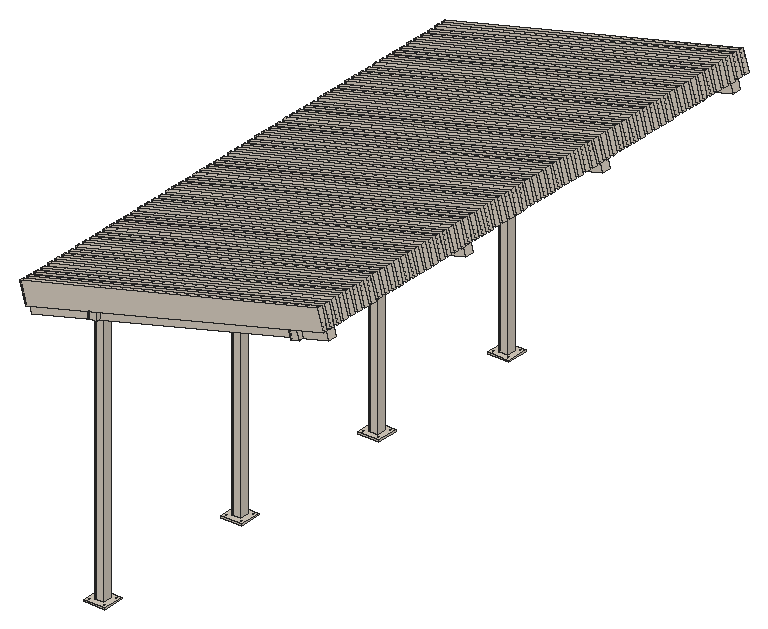
Revit family "Sun-Shades_ATEN_PalmSHIELD", category Generic Models, Revit 2026 (continued)
Definition of nested family "Family1"
  Nested families (in)
    nested 40: "Family2" at (-22.1236, 0, 0) x (-1, 0, 0) z (0, 0, 1), type "Up"
    nested 41: "Family2" at (-18.10112, 0, 0) x (-1, 0, 0) z (0, 0, 1), type "Up"
    nested 42: "Family2" at (-14.07865, 0, 0) x (-1, 0, 0) z (0, 0, 1), type "Up"
    nested 43: "Family2" at (-10.05618, 0, 0) x (-1, 0, 0) z (0, 0, 1), type "Up"
    nested 44: "Family2" at (-6.03371, 0, 0) x (-1, 0, 0) z (0, 0, 1), type "Up"
    nested 45: "Family2" at (-2.01124, 0, 0) x (-1, 0, 0) z (0, 0, 1), type "Up"
    nested 46: "Family2" at (2.01124, 0, 0) x (-1, 0, 0) z (0, 0, 1), type "Up"
    nested 47: "Family2" at (6.03371, 0, 0) x (-1, 0, 0) z (0, 0, 1), type "Up"
    nested 48: "Family2" at (10.05618, 0, 0) x (-1, 0, 0) z (0, 0, 1), type "Up"
    nested 49: "Family2" at (14.07865, 0, 0) x (-1, 0, 0) z (0, 0, 1), type "Up"
    nested 50: "Family2" at (18.10112, 0, 0) x (-1, 0, 0) z (0, 0, 1), type "Up"
    nested 51: "Family2" at (22.1236, 0, 0) x (-1, 0, 0) z (0, 0, 1), type "Up"
    nested 52: "Family2" at (26.14607, 0, 0) x (-1, 0, 0) z (0, 0, 1), type "Up"
    nested 53: "Family2" at (30.16854, 0, 0) x (-1, 0, 0) z (0, 0, 1), type "Up"
    nested 54: "Family2" at (34.19101, 0, 0) x (-1, 0, 0) z (0, 0, 1), type "Up"
    nested 55: "Family2" at (38.21348, 0, 0) x (-1, 0, 0) z (0, 0, 1), type "Up"
    nested 56: "Family2" at (42.23596, 0, 0) x (-1, 0, 0) z (0, 0, 1), type "Up"
    nested 57: "Family2" at (46.25843, 0, 0) x (-1, 0, 0) z (0, 0, 1), type "Up"
    nested 58: "Family2" at (50.2809, 0, 0) x (-1, 0, 0) z (0, 0, 1), type "Up"
    nested 59: "Family2" at (54.30337, 0, 0) x (-1, 0, 0) z (0, 0, 1), type "Up"
    nested 60: "Family2" at (58.32584, 0, 0) x (-1, 0, 0) z (0, 0, 1), type "Up"
    nested 61: "Family2" at (62.34831, 0, 0) x (-1, 0, 0) z (0, 0, 1), type "Up"
    nested 62: "Family2" at (66.37079, 0, 0) x (-1, 0, 0) z (0, 0, 1), type "Up"
    nested 63: "Family2" at (70.39326, 0, 0) x (-1, 0, 0) z (0, 0, 1), type "Up"
    nested 64: "Family2" at (74.41573, 0, 0) x (-1, 0, 0) z (0, 0, 1), type "Up"
    nested 65: "Family2" at (78.4382, 0, 0) x (-1, 0, 0) z (0, 0, 1), type "Up"
    nested 66: "Family2" at (82.46067, 0, 0) x (-1, 0, 0) z (0, 0, 1), type "Up"
    nested 67: "Family2" at (86.48315, 0, 0) x (-1, 0, 0) z (0, 0, 1), type "Up"
    nested 68: "Family2" at (90.50562, 0, 0) x (-1, 0, 0) z (0, 0, 1), type "Up"
    nested 69: "Family2" at (94.52809, 0, 0) x (-1, 0, 0) z (0, 0, 1), type "Up"
    nested 70: "Family2" at (98.55056, 0, 0) x (-1, 0, 0) z (0, 0, 1), type "Up"
    nested 71: "Family2" at (102.57303, 0, 0) x (-1, 0, 0) z (0, 0, 1), type "Up"
    nested 72: "Family2" at (106.59551, 0, 0) x (-1, 0, 0) z (0, 0, 1), type "Up"
    nested 73: "Family2" at (110.61798, 0, 0) x (-1, 0, 0) z (0, 0, 1), type "Up"
    nested 74: "Family2" at (114.64045, 0, 0) x (-1, 0, 0) z (0, 0, 1), type "Up"
    nested 75: "Family2" at (118.66292, 0, 0) x (-1, 0, 0) z (0, 0, 1), type "Up"
    nested 76: "Family2" at (122.68539, 0, 0) x (-1, 0, 0) z (0, 0, 1), type "Up"
    nested 77: "Family2" at (126.70787, 0, 0) x (-1, 0, 0) z (0, 0, 1), type "Up"
    nested 78: "Family2" at (130.73034, 0, 0) x (-1, 0, 0) z (0, 0, 1), type "Up"
    nested 79: "Family2" at (134.75281, 0, 0) x (-1, 0, 0) z (0, 0, 1), type "Up"
    nested 80: "Family2" at (138.77528, 0, 0) x (-1, 0, 0) z (0, 0, 1), type "Up"
    nested 81: "Family2" at (142.79775, 0, 0) x (-1, 0, 0) z (0, 0, 1), type "Up"
    nested 82: "Family2" at (146.82022, 0, 0) x (-1, 0, 0) z (0, 0, 1), type "Up"
    nested 83: "Family2" at (150.8427, 0, 0) x (-1, 0, 0) z (0, 0, 1), type "Up"
    nested 84: "Family2" at (154.86517, 0, 0) x (-1, 0, 0) z (0, 0, 1), type "Up"
    nested 85: "Family2" at (158.88764, 0, 0) x (-1, 0, 0) z (0, 0, 1), type "Up"
    nested 86: "Family2" at (162.91011, 0, 0) x (-1, 0, 0) z (0, 0, 1), type "Up"
    nested 87: "Family2" at (166.93258, 0, 0) x (-1, 0, 0) z (0, 0, 1), type "Up"
    nested 88: "Family2" at (170.95506, 0, 0) x (-1, 0, 0) z (0, 0, 1), type "Up"
    nested 89: "Family2" at (174.97753, 0, 0) x (-1, 0, 0) z (0, 0, 1), type "Up"
    nested 90: "Family2" at (179, 0, 0) x (-1, 0, 0) z (0, 0, 1), type "Up"
  Definition of nested family "Family2"
    Parameters (values of type "Up")
      Up = no
      Purlin Length = 10' - 0"
      Purlin Height = 0' - 2"
      Parlin Width = 0' - 2"
      Material = none
      Down = yes
      Default Elevation = 0' - 0"
    Reference planes (in)
      plane 1 "Center (Front/Back)": y = 0
      plane 2: z = 0
      plane 3 "Center (Left/Right)": x = 0
      plane 4: z = 2
      plane 5: x = -1
      plane 6: x = 1
      plane 7: z = -2
      plane 8: z = 1.875
      plane 9: z = -1.875
      plane 10: x = 0.875
      plane 11: x = -0.875
      plane 12: z = 0.125
      plane 13: z = -0.125
      plane 14: y = 120
      plane 15: y = 60
      plane 16: y = 0.125
      plane 17: y = 119.875
    Forms (in)
      Extrusion 1, solid, material <- "Material", visible <- "Up"
        sketch origin (0, 0, 0) x (1, 0, 0) y (0, 0, 1)
          loop
            line (1, 2) -> (-1, 2) -> (-1, 0) -> (1, 0) -> (1, 2)
          loop
            line (-0.875, 1.875) -> (-0.875, 0.125) -> (0.875, 0.125) -> (0.875, 1.875) -> (-0.875, 1.875)
        from -120 to 0
      Extrusion 2, solid, material <- "Material", visible <- "Down"
        sketch origin (0, 0, 0) x (1, 0, 0) y (0, 0, 1)
          loop
            line (-1, 0) -> (-1, -2) -> (1, -2) -> (1, 0) -> (-1, 0)
          loop
            line (0.875, -1.875) -> (0.875, -0.125) -> (-0.875, -0.125) -> (-0.875, -1.875) -> (0.875, -1.875)
        from 0 to -120
      Extrusion 3, solid, material <- "Material", visible <- "Up"
        sketch origin (0, 0, 0) x (1, 0, 0) y (0, 0, 1)
          loop
            line (-1, 2) -> (-1, 0) -> (1, 0) -> (1, 2) -> (-1, 2)
        from -0.125 to 0
      Extrusion 4, solid, material <- "Material", visible <- "Up"
        sketch origin (0, 0, 0) x (1, 0, 0) y (0, 0, 1)
          loop
            line (-1, 2) -> (-1, 0) -> (1, 0) -> (1, 2) -> (-1, 2)
        from -119.875 to -120
      Extrusion 5, solid, material <- "Material", visible <- "Down"
        sketch origin (0, 0, 0) x (1, 0, 0) y (0, 0, 1)
          loop
            line (-1, 0) -> (-1, -2) -> (1, -2) -> (1, 0) -> (-1, 0)
        from -0.125 to 0
      Extrusion 6, solid, material <- "Material", visible <- "Down"
        sketch origin (0, 0, 0) x (1, 0, 0) y (0, 0, 1)
          loop
            line (-1, 0) -> (-1, -2) -> (1, -2) -> (1, 0) -> (-1, 0)
        from -120 to -119.875
    Cuts and joins
      joined: Extrusion 1, Extrusion 3, Extrusion 4
      joined: Extrusion 2, Extrusion 5, Extrusion 6
    Dimensions and locks (in)
      "Purlin Height": plane 4 to level
      equal spacing: plane 6, plane 3 "Center (Left/Right)", plane 5
      "Parlin Width": plane 5 to plane 6
      "Purlin Height": plane 2 to plane 7
      locked: plane 4 to plane 8 at 0.125
      locked: plane 9 to plane 7 at 0.125
      locked: plane 11 to plane 5 at 0.125
      locked: plane 10 to plane 6 at 0.125
      locked: plane 12 to plane 2 at 0.125
      locked: plane 13 to plane 2 at 0.125
      "Purlin Length": plane 14 to plane 1 "Center (Front/Back)"
      equal spacing: plane 14, plane 15, plane 1 "Center (Front/Back)"
      locked: plane 1 "Center (Front/Back)" to plane 16 at 0.125
      locked: plane 17 to plane 14 at 0.125
      aligned and locked: plane 2 to level
      aligned and locked: Extrusion 1 sketch curve to plane 4
      aligned and locked: Extrusion 1 sketch curve to plane 5
      aligned and locked: plane 6 to Extrusion 1 sketch curve
      aligned and locked: Extrusion 1 sketch curve to level
      aligned and locked: Extrusion 1 sketch curve to plane 11
      aligned and locked: Extrusion 1 sketch curve to plane 8
      aligned and locked: plane 10 to Extrusion 1 sketch curve
      aligned and locked: Extrusion 1 sketch curve to plane 12
      aligned and locked: plane 1 "Center (Front/Back)" to Extrusion 1
      aligned and locked: plane 14 to Extrusion 1
      aligned and locked: Extrusion 2 sketch curve to level
      aligned and locked: Extrusion 2 sketch curve to plane 5
      aligned and locked: plane 6 to Extrusion 2 sketch curve
      aligned and locked: plane 7 to Extrusion 2 sketch curve
      aligned and locked: plane 9 to Extrusion 2 sketch curve
      aligned and locked: plane 10 to Extrusion 2 sketch curve
      aligned and locked: Extrusion 2 sketch curve to plane 11
      aligned and locked: plane 13 to Extrusion 2 sketch curve
      aligned and locked: plane 14 to Extrusion 2
      aligned and locked: plane 1 "Center (Front/Back)" to Extrusion 2
      aligned and locked: Extrusion 1 to plane 1 "Center (Front/Back)"  (x2)
      aligned and locked: Extrusion 1 to plane 14
      aligned and locked: Extrusion 3 sketch curve to Extrusion 1  (x4)
      aligned and locked: plane 1 "Center (Front/Back)" to Extrusion 3
      aligned and locked: plane 16 to Extrusion 3
      aligned and locked: Extrusion 4 sketch curve to Extrusion 1  (x4)
      aligned and locked: plane 14 to Extrusion 4
      aligned and locked: Extrusion 4 to plane 17
      aligned and locked: Extrusion 5 sketch curve to Extrusion 1  (x2)
      aligned and locked: Extrusion 5 sketch curve to Extrusion 2  (x2)
      aligned and locked: plane 1 "Center (Front/Back)" to Extrusion 5
      aligned and locked: plane 16 to Extrusion 5
      aligned and locked: Extrusion 6 sketch curve to Extrusion 1
      aligned and locked: Extrusion 6 sketch curve to Extrusion 2
      aligned and locked: plane 6 to Extrusion 6 sketch curve
      aligned and locked: plane 7 to Extrusion 6 sketch curve
      aligned and locked: plane 14 to Extrusion 6
      aligned and locked: Extrusion 6 to plane 17
Definition of nested family "Inset Beam Vertical"
  Parameters (values of type "Inset Beam Vertical")
    Vertical Purlin [instance] = (L / (Purlin Width + Purlin Spacing Desired))  # 32
    Purlin Width Half [instance] = Purlin Width / 2  # 0' - 1"
    Purlin Width = 0' - 2"
    Purlin Spacing Desired [instance] = 0' - 2"
    Purlin Spacing Calculated [instance] = (L - (Vertical Purlin * Purlin Width)) / (Vertical Purlin - 1)  # 0' - 2.00202"
    Purlin Length = 29' - 4"
    Purlin Height = 0' - 5"
    Number of inset beam vertical [instance] = 3
    Material = none
    L [instance] = 10' - 6 1/16"
    Default Elevation = 4' - 0"
    Center to Center [instance] = Purlin Width + Purlin Spacing Calculated  # 0' - 4.00202"
    Beam center to center [instance] = 0' - 4"
  Reference planes (in)
    plane 1 "Center (Front/Back)": y = 0
    plane 2: z = 0
    plane 3 "Center (Left/Right)": x = 0
    plane 4: y = -126.0625
    plane 5: x = 352
    plane 6: y = -1
    plane 7: y = -5.00202
    plane 8: through (0, 0, 4) normal (0, -0.9962, -0.0872)
    plane 9: through (0, -62.38812, 4.09062) normal (0, -0.9962, -0.0872)
    plane 10: through (0, -2.35788, 4.09062) normal (0, -0.9962, -0.0872)
    plane 11: through (0, -6.3599, 4.09062) normal (0, -0.9962, -0.0872)
    plane 12: through (0, -10.36192, 4.09062) normal (0, -0.9962, -0.0872)
    plane 13: through (0, -14.36393, 4.09062) normal (0, -0.9962, -0.0872)
    plane 14: through (0, -18.36595, 4.09062) normal (0, -0.9962, -0.0872)
    plane 15: through (0, -22.36796, 4.09062) normal (0, -0.9962, -0.0872)
    plane 16: through (0, -26.36998, 4.09062) normal (0, -0.9962, -0.0872)
    plane 17: through (0, -30.372, 4.09062) normal (0, -0.9962, -0.0872)
    plane 18: through (0, -34.37401, 4.09062) normal (0, -0.9962, -0.0872)
    plane 19: through (0, -38.37603, 4.09062) normal (0, -0.9962, -0.0872)
    plane 20: through (0, -42.37804, 4.09062) normal (0, -0.9962, -0.0872)
    plane 21: through (0, -46.38006, 4.09062) normal (0, -0.9962, -0.0872)
    plane 22: through (0, -50.38208, 4.09062) normal (0, -0.9962, -0.0872)
    plane 23: through (0, -54.38409, 4.09062) normal (0, -0.9962, -0.0872)
    plane 24: through (0, -58.38611, 4.09062) normal (0, -0.9962, -0.0872)
    plane 25: through (0, -66.39014, 4.09062) normal (0, -0.9962, -0.0872)
    plane 26: through (0, -70.39216, 4.09062) normal (0, -0.9962, -0.0872)
    plane 27: through (0, -74.39417, 4.09062) normal (0, -0.9962, -0.0872)
    plane 28: through (0, -78.39619, 4.09062) normal (0, -0.9962, -0.0872)
    plane 29: x = 41.08557
    plane 30: x = 45.08557
    plane 31: x = 43.08557
    plane 32: x = 356
    plane 33: through (0, -2.35788, 4.09062) normal (0, -0.9962, -0.0872)
    plane 34: through (0, -82.39821, 4.09062) normal (0, -0.9962, -0.0872)
    plane 35: through (0, -86.40022, 4.09062) normal (0, -0.9962, -0.0872)
    plane 36: through (0, -90.40224, 4.09062) normal (0, -0.9962, -0.0872)
    plane 37: through (0, -94.40425, 4.09062) normal (0, -0.9962, -0.0872)
    plane 38: through (0, -98.40627, 4.09062) normal (0, -0.9962, -0.0872)
    plane 39: through (0, -102.40829, 4.09062) normal (0, -0.9962, -0.0872)
    plane 40: through (0, -106.4103, 4.09062) normal (0, -0.9962, -0.0872)
    plane 41: through (0, -110.41232, 4.09062) normal (0, -0.9962, -0.0872)
    plane 42: through (0, -114.41433, 4.09062) normal (0, -0.9962, -0.0872)
    plane 43: through (0, -118.41635, 4.09062) normal (0, -0.9962, -0.0872)
    plane 44: through (0, -122.41837, 4.09062) normal (0, -0.9962, -0.0872)
    plane 45: through (0, -126.42038, 4.09062) normal (0, -0.9962, -0.0872)
  Forms (in)
    Extrusion 1, solid
      sketch origin (0, 0, 0) x (1, 0, 0) y (0, 1, 0)
        loop
          line (-48, 48) -> (-48, -48) -> (48, -48) -> (48, 48) -> (-48, 48)
      from 0 to -12
  Dimensions and locks (in)
    "Purlin Length": plane 3 "Center (Left/Right)" to plane 5
    "L": plane 4 to plane 1 "Center (Front/Back)"
    equal spacing: group 1, group 2, group 3, group 4, group 5, group 6, group 7, group 8, group 9, group 10, group 11, group 12, group 13, group 14, group 15, group 16, group 17, group 18, group 19, group 20, group 22, group 23, group 24, group 25, group 26, group 27, group 28, group 29, group 30, group 31, group 32, group 33  (x2)
    equal spacing: group 33, group 32, group 31, group 30, group 29, group 28, group 27, group 26, group 25, group 24, group 23, group 22, group 20, group 19, group 18, group 17, group 16, group 15, group 14, group 13, group 12, group 11, group 10, group 9, group 8, group 7, group 6, group 5, group 4, group 3, group 2, group 1
    "Purlin Width Half": plane 6 to plane 1 "Center (Front/Back)"
    "Center to Center": plane 7 to plane 6
    plane 29 to plane 31 to plane 30 = 0' - 2" locked, 0' - 2" locked
    "Beam center to center": plane 5 to plane 32
    aligned and locked: plane 2 to Extrusion 1
    aligned and locked: level to Extrusion 1
    aligned and locked: nested 1 to plane 3 "Center (Left/Right)"
    aligned and locked: plane 6 to nested 1
    aligned and locked: plane 7 to nested 2
  Automatic sketch dimensions
    Extrusion 1 sketch curve to Extrusion 1 sketch curve = 8' - 0"  (x2)
  Nested families (in)
    nested 1: "123" at (0, -1, 0) x (0, -1, 0) z (0, 0, 1), type "123"
    nested 2: "123" at (0, -5.00202, 0) x (0, -1, 0) z (0, 0, 1), type "123"
    nested 3: "123" at (0, -9.00403, 0) x (0, -1, 0) z (0, 0, 1), type "123"
    nested 4: "123" at (0, -13.00605, 0) x (0, -1, 0) z (0, 0, 1), type "123"
    nested 5: "123" at (0, -17.00806, 0) x (0, -1, 0) z (0, 0, 1), type "123"
    nested 6: "123" at (0, -21.01008, 0) x (0, -1, 0) z (0, 0, 1), type "123"
    nested 7: "123" at (0, -25.0121, 0) x (0, -1, 0) z (0, 0, 1), type "123"
    nested 8: "123" at (0, -29.01411, 0) x (0, -1, 0) z (0, 0, 1), type "123"
    nested 9: "123" at (0, -33.01613, 0) x (0, -1, 0) z (0, 0, 1), type "123"
    nested 10: "123" at (0, -37.01815, 0) x (0, -1, 0) z (0, 0, 1), type "123"
    nested 11: "123" at (0, -41.02016, 0) x (0, -1, 0) z (0, 0, 1), type "123"
    nested 12: "123" at (0, -45.02218, 0) x (0, -1, 0) z (0, 0, 1), type "123"
    nested 13: "123" at (0, -49.02419, 0) x (0, -1, 0) z (0, 0, 1), type "123"
    nested 14: "123" at (0, -53.02621, 0) x (0, -1, 0) z (0, 0, 1), type "123"
    nested 15: "123" at (0, -57.02823, 0) x (0, -1, 0) z (0, 0, 1), type "123"
    nested 16: "123" at (0, -61.03024, 0) x (0, -1, 0) z (0, 0, 1), type "123"
    nested 17: "123" at (0, -65.03226, 0) x (0, -1, 0) z (0, 0, 1), type "123"
    nested 18: "123" at (0, -69.03427, 0) x (0, -1, 0) z (0, 0, 1), type "123"
    nested 19: "123" at (0, -73.03629, 0) x (0, -1, 0) z (0, 0, 1), type "123"
    nested 20: "123" at (0, -77.03831, 0) x (0, -1, 0) z (0, 0, 1), type "123"
    nested 21: "123" at (0, -1, 0) x (0, -1, 0) z (0, 0, 1), type "123", not visible
    nested 22: "123" at (0, -81.04032, 0) x (0, -1, 0) z (0, 0, 1), type "123"
    nested 23: "123" at (0, -85.04234, 0) x (0, -1, 0) z (0, 0, 1), type "123"
    nested 24: "123" at (0, -89.04435, 0) x (0, -1, 0) z (0, 0, 1), type "123"
    nested 25: "123" at (0, -93.04637, 0) x (0, -1, 0) z (0, 0, 1), type "123"
    nested 26: "123" at (0, -97.04839, 0) x (0, -1, 0) z (0, 0, 1), type "123"
    nested 27: "123" at (0, -101.0504, 0) x (0, -1, 0) z (0, 0, 1), type "123"
    nested 28: "123" at (0, -105.05242, 0) x (0, -1, 0) z (0, 0, 1), type "123"
    nested 29: "123" at (0, -109.05444, 0) x (0, -1, 0) z (0, 0, 1), type "123"
    nested 30: "123" at (0, -113.05645, 0) x (0, -1, 0) z (0, 0, 1), type "123"
    nested 31: "123" at (0, -117.05847, 0) x (0, -1, 0) z (0, 0, 1), type "123"
    nested 32: "123" at (0, -121.06048, 0) x (0, -1, 0) z (0, 0, 1), type "123"
    nested 33: "123" at (0, -125.0625, 0) x (0, -1, 0) z (0, 0, 1), type "123"
  Definition of nested family "123"
    Parameters (values of type "123")
      Purlin Width = 0' - 2"
      Purlin Length = 8' - 0"
      Purlin Height = 0' - 4"
      Material = none
      Default Elevation = 4' - 0"
    Reference planes (in)
      plane 1 "Center (Front/Back)": y = 0
      plane 2: z = 0
      plane 3 "Center (Left/Right)": x = 0
      plane 4: x = -1
      plane 5: x = 1
      plane 6: y = 96
      plane 7: y = 0
      plane 8: x = -0.875
      plane 9: x = 0.875
      plane 10: z = 0.125
      plane 11: z = 3.875
      plane 12: z = 4
      plane 13: y = 0.125
      plane 14: y = 95.875
      plane 15: through (-1, -180, 4) normal (0.9962, 0, -0.0872)
    Forms (in)
      Extrusion 1, solid
        sketch origin (0, 0, 0) x (1, 0, 0) y (0, 1, 0)
          loop
            line (-48, 48) -> (-48, -48) -> (48, -48) -> (48, 48) -> (-48, 48)
        from 0 to -12
      Extrusion 2, solid, material <- "Material"
        sketch origin (0, 0, 0) x (1, 0, 0) y (0, 0, 1)
          loop
            line (-1, 4) -> (-1, 0) -> (1, 0) -> (1, 4) -> (-1, 4)
          loop
            line (-0.875, 0.125) -> (0.875, 0.125) -> (0.875, 3.875) -> (-0.875, 3.875) -> (-0.875, 0.125)
        from -96 to 0
      Extrusion 3, solid, material <- "Material"
        sketch origin (0, 0, 0) x (1, 0, 0) y (0, 0, 1)
          loop
            line (-1, 4) -> (-1, 0) -> (1, 0) -> (1, 4) -> (-1, 4)
        from -0.125 to 0
      Extrusion 4, solid, material <- "Material"
        sketch origin (0, 0, 0) x (1, 0, 0) y (0, 0, 1)
          loop
            line (-1, 4) -> (-1, 0) -> (1, 0) -> (1, 4) -> (-1, 4)
        from -96 to -95.875
    Cuts and joins
      joined: Extrusion 2, Extrusion 3, Extrusion 4
    Dimensions and locks (in)
      equal spacing: plane 4, plane 3 "Center (Left/Right)", plane 5
      "Purlin Width": plane 4 to plane 5
      "Purlin Length": plane 6 to plane 7
      locked: plane 4 to plane 8 at 0.125
      locked: plane 9 to plane 5 at 0.125
      locked: plane 12 to plane 11 at 0.125
      locked: plane 10 to level at 0.125
      "Purlin Height": plane 12 to plane 2
      locked: plane 13 to plane 7 at 0.125
      locked: plane 6 to plane 14 at 0.125
      aligned and locked: plane 2 to Extrusion 1
      aligned and locked: level to Extrusion 1
      aligned and locked: Extrusion 2 sketch curve to plane 4
      aligned and locked: Extrusion 2 sketch curve to plane 5
      aligned and locked: Extrusion 2 sketch curve to plane 12
      aligned and locked: Extrusion 1 to Extrusion 2 sketch curve
      aligned and locked: Extrusion 2 sketch curve to plane 10
      aligned and locked: Extrusion 2 sketch curve to plane 11
      aligned and locked: plane 9 to Extrusion 2 sketch curve
      aligned and locked: Extrusion 2 sketch curve to plane 8
      aligned and locked: plane 6 to Extrusion 2
      aligned and locked: Extrusion 2 to plane 7
      aligned and locked: Extrusion 3 sketch curve to plane 4
      aligned and locked: Extrusion 3 sketch curve to plane 5
      aligned and locked: Extrusion 3 sketch curve to plane 12
      aligned and locked: Extrusion 3 sketch curve to plane 2
      aligned and locked: plane 13 to Extrusion 3
      aligned and locked: Extrusion 3 to plane 7
      aligned and locked: Extrusion 4 sketch curve to plane 4
      aligned and locked: Extrusion 4 sketch curve to plane 5
      aligned and locked: Extrusion 4 sketch curve to plane 12
      aligned and locked: Extrusion 4 sketch curve to plane 2
      aligned and locked: plane 6 to Extrusion 4
      aligned and locked: Extrusion 4 to plane 14
      aligned and locked: plane 7 to plane 1 "Center (Front/Back)"
    Automatic sketch dimensions
      Extrusion 1 sketch curve to Extrusion 1 sketch curve = 8' - 0"  (x2)
Definition of nested family "Family7"
  Parameters (values of type "Inset to Beams_Horizontal")
    Vertical Purlin [instance] = (L / (Purlin Width + Purlin Spacing Desired))  # 88
    Purlin Width Half = Purlin Width / 2  # 0' - 1"
    Purlin Width = 0' - 2"
    Purlin Spacing Desired [instance] = 0' - 2"
    Purlin Spacing Calculated [instance] = (L - (Vertical Purlin * Purlin Width)) / (Vertical Purlin - 1)  # 0' - 2.02299"
    Purlin Length = 10' - 7 31/32"
    Purlin Height = 0' - 5"
    Material = none
    L = 29' - 4"
    Default Elevation = 4' - 0"
    Center to Center [instance] = Purlin Width + Purlin Spacing Calculated  # 0' - 4.02299"
  Reference planes (in)
    plane 1 "Center (Front/Back)": y = 0
    plane 2: z = 0
    plane 3 "Center (Left/Right)": x = 0
    plane 4: y = -352
    plane 5: x = 127.96875
    plane 6: y = -1
    plane 7: y = -5.02299
    plane 8: through (0, 0, 4) normal (0, -0.9962, -0.0872)
    plane 9: through (0, -62.70271, 4.09062) normal (0, -0.9962, -0.0872)
    plane 10: through (0, -2.35788, 4.09062) normal (0, -0.9962, -0.0872)
    plane 11: through (0, -6.38087, 4.09062) normal (0, -0.9962, -0.0872)
    plane 12: through (0, -10.40386, 4.09062) normal (0, -0.9962, -0.0872)
    plane 13: through (0, -14.42685, 4.09062) normal (0, -0.9962, -0.0872)
    plane 14: through (0, -18.44984, 4.09062) normal (0, -0.9962, -0.0872)
    plane 15: through (0, -22.47283, 4.09062) normal (0, -0.9962, -0.0872)
    plane 16: through (0, -26.49581, 4.09062) normal (0, -0.9962, -0.0872)
    plane 17: through (0, -30.5188, 4.09062) normal (0, -0.9962, -0.0872)
    plane 18: through (0, -34.54179, 4.09062) normal (0, -0.9962, -0.0872)
    plane 19: through (0, -38.56478, 4.09062) normal (0, -0.9962, -0.0872)
    plane 20: through (0, -42.58777, 4.09062) normal (0, -0.9962, -0.0872)
    plane 21: through (0, -46.61076, 4.09062) normal (0, -0.9962, -0.0872)
    plane 22: through (0, -50.63375, 4.09062) normal (0, -0.9962, -0.0872)
    plane 23: through (0, -54.65673, 4.09062) normal (0, -0.9962, -0.0872)
    plane 24: through (0, -58.67972, 4.09062) normal (0, -0.9962, -0.0872)
    plane 25: through (0, -66.7257, 4.09062) normal (0, -0.9962, -0.0872)
    plane 26: through (0, -70.74869, 4.09062) normal (0, -0.9962, -0.0872)
    plane 27: through (0, -74.77168, 4.09062) normal (0, -0.9962, -0.0872)
    plane 28: through (0, -78.79466, 4.09062) normal (0, -0.9962, -0.0872)
    plane 29: through (0, -82.81765, 4.09062) normal (0, -0.9962, -0.0872)
    plane 30: through (0, -86.84064, 4.09062) normal (0, -0.9962, -0.0872)
    plane 31: through (0, -90.86363, 4.09062) normal (0, -0.9962, -0.0872)
    plane 32: through (0, -94.88662, 4.09062) normal (0, -0.9962, -0.0872)
    plane 33: through (0, -98.90961, 4.09062) normal (0, -0.9962, -0.0872)
    plane 34: through (0, -102.9326, 4.09062) normal (0, -0.9962, -0.0872)
    plane 35: through (0, -106.95558, 4.09062) normal (0, -0.9962, -0.0872)
    plane 36: through (0, -110.97857, 4.09062) normal (0, -0.9962, -0.0872)
    plane 37: through (0, -115.00156, 4.09062) normal (0, -0.9962, -0.0872)
    plane 38: through (0, -119.02455, 4.09062) normal (0, -0.9962, -0.0872)
    plane 39: through (0, -123.04754, 4.09062) normal (0, -0.9962, -0.0872)
    plane 40: through (0, -127.07053, 4.09062) normal (0, -0.9962, -0.0872)
    plane 41: through (0, -131.09352, 4.09062) normal (0, -0.9962, -0.0872)
    plane 42: through (0, -135.1165, 4.09062) normal (0, -0.9962, -0.0872)
    plane 43: through (0, -139.13949, 4.09062) normal (0, -0.9962, -0.0872)
    plane 44: through (0, -143.16248, 4.09062) normal (0, -0.9962, -0.0872)
    plane 45: through (-1.09583, -180, 16.52538) normal (0.9962, 0, 0.0872)
    plane 46: through (0, -147.18547, 4.09062) normal (0, -0.9962, -0.0872)
    plane 47: through (0, -151.20846, 4.09062) normal (0, -0.9962, -0.0872)
    plane 48: through (0, -155.23145, 4.09062) normal (0, -0.9962, -0.0872)
    plane 49: through (0, -159.25443, 4.09062) normal (0, -0.9962, -0.0872)
    plane 50: through (0, -163.27742, 4.09062) normal (0, -0.9962, -0.0872)
    plane 51: through (0, -167.30041, 4.09062) normal (0, -0.9962, -0.0872)
    plane 52: through (0, -171.3234, 4.09062) normal (0, -0.9962, -0.0872)
    plane 53: through (0, -175.34639, 4.09062) normal (0, -0.9962, -0.0872)
    plane 54: through (0, -179.36938, 4.09062) normal (0, -0.9962, -0.0872)
    plane 55: through (0, -183.39237, 4.09062) normal (0, -0.9962, -0.0872)
    plane 56: through (0, -187.41535, 4.09062) normal (0, -0.9962, -0.0872)
    plane 57: through (0, -191.43834, 4.09062) normal (0, -0.9962, -0.0872)
    plane 58: through (0, -195.46133, 4.09062) normal (0, -0.9962, -0.0872)
    plane 59: through (0, -199.48432, 4.09062) normal (0, -0.9962, -0.0872)
    plane 60: through (0, -203.50731, 4.09062) normal (0, -0.9962, -0.0872)
    plane 61: through (0, -207.5303, 4.09062) normal (0, -0.9962, -0.0872)
    plane 62: through (0, -211.55329, 4.09062) normal (0, -0.9962, -0.0872)
    plane 63: through (0, -215.57627, 4.09062) normal (0, -0.9962, -0.0872)
    plane 64: through (0, -219.59926, 4.09062) normal (0, -0.9962, -0.0872)
    plane 65: through (0, -223.62225, 4.09062) normal (0, -0.9962, -0.0872)
    plane 66: through (0, -227.64524, 4.09062) normal (0, -0.9962, -0.0872)
    plane 67: through (0, -231.66823, 4.09062) normal (0, -0.9962, -0.0872)
    plane 68: through (0, -235.69122, 4.09062) normal (0, -0.9962, -0.0872)
    plane 69: through (0, -239.7142, 4.09062) normal (0, -0.9962, -0.0872)
    plane 70: through (0, -243.73719, 4.09062) normal (0, -0.9962, -0.0872)
    plane 71: through (0, -247.76018, 4.09062) normal (0, -0.9962, -0.0872)
    plane 72: through (0, -251.78317, 4.09062) normal (0, -0.9962, -0.0872)
    plane 73: through (0, -255.80616, 4.09062) normal (0, -0.9962, -0.0872)
    plane 74: through (0, -259.82915, 4.09062) normal (0, -0.9962, -0.0872)
    plane 75: through (0, -263.85214, 4.09062) normal (0, -0.9962, -0.0872)
    plane 76: through (0, -267.87512, 4.09062) normal (0, -0.9962, -0.0872)
    plane 77: through (0, -271.89811, 4.09062) normal (0, -0.9962, -0.0872)
    plane 78: through (0, -275.9211, 4.09062) normal (0, -0.9962, -0.0872)
    plane 79: through (0, -279.94409, 4.09062) normal (0, -0.9962, -0.0872)
    plane 80: through (0, -283.96708, 4.09062) normal (0, -0.9962, -0.0872)
    plane 81: through (0, -287.99007, 4.09062) normal (0, -0.9962, -0.0872)
    plane 82: through (0, -292.01306, 4.09062) normal (0, -0.9962, -0.0872)
    plane 83: through (0, -296.03604, 4.09062) normal (0, -0.9962, -0.0872)
    plane 84: through (0, -300.05903, 4.09062) normal (0, -0.9962, -0.0872)
    plane 85: through (0, -304.08202, 4.09062) normal (0, -0.9962, -0.0872)
    plane 86: through (0, -308.10501, 4.09062) normal (0, -0.9962, -0.0872)
    plane 87: through (0, -312.128, 4.09062) normal (0, -0.9962, -0.0872)
    plane 88: through (0, -316.15099, 4.09062) normal (0, -0.9962, -0.0872)
    plane 89: through (0, -320.17397, 4.09062) normal (0, -0.9962, -0.0872)
    plane 90: through (0, -324.19696, 4.09062) normal (0, -0.9962, -0.0872)
    plane 91: through (0, -328.21995, 4.09062) normal (0, -0.9962, -0.0872)
    plane 92: through (0, -332.24294, 4.09062) normal (0, -0.9962, -0.0872)
    plane 93: through (0, -336.26593, 4.09062) normal (0, -0.9962, -0.0872)
    plane 94: through (0, -340.28892, 4.09062) normal (0, -0.9962, -0.0872)
    plane 95: through (0, -344.31191, 4.09062) normal (0, -0.9962, -0.0872)
    plane 96: through (0, -348.33489, 4.09062) normal (0, -0.9962, -0.0872)
    plane 97: through (0, -352.35788, 4.09062) normal (0, -0.9962, -0.0872)
  Forms (in)
    Extrusion 1, solid
      sketch origin (0, 0, 0) x (1, 0, 0) y (0, 1, 0)
        loop
          line (-48, 48) -> (-48, -48) -> (48, -48) -> (48, 48) -> (-48, 48)
      from 0 to -12
  Dimensions and locks (in)
    "Purlin Length": plane 3 "Center (Left/Right)" to plane 5
    "L": plane 4 to plane 1 "Center (Front/Back)"
    equal spacing: group 1, group 2, group 3, group 4, group 5, group 6, group 7, group 8, group 9, group 10, group 11, group 12, group 13, group 14, group 15, group 16, group 17, group 18, group 19, group 20, group 21, group 22, group 23, group 24, group 25, group 26, group 27, group 28, group 29, group 30, group 31, group 32, group 33, group 34, group 35, group 36, group 37, group 38, group 39, group 40, group 41, group 42, group 43, group 44, group 45, group 46, group 47, group 48, group 49, group 50, group 51, group 52, group 53, group 54, group 55, group 56, group 57, group 58, group 59, group 60, group 61, group 62, group 63, group 64, group 65, group 66, group 67, group 68, group 69, group 70, group 71, group 72, group 73, group 74, group 75, group 76, group 77, group 78, group 79, group 80, group 81, group 82, group 83, group 84, group 85, group 86, group 87, group 88  (x2)
    equal spacing: group 88, group 87, group 86, group 85, group 84, group 83, group 82, group 81, group 80, group 79, group 78, group 77, group 76, group 75, group 74, group 73, group 72, group 71, group 70, group 69, group 68, group 67, group 66, group 65, group 64, group 63, group 62, group 61, group 60, group 59, group 58, group 57, group 56, group 55, group 54, group 53, group 52, group 51, group 50, group 49, group 48, group 47, group 46, group 45, group 44, group 43, group 42, group 41, group 40, group 39, group 38, group 37, group 36, group 35, group 34, group 33, group 32, group 31, group 30, group 29, group 28, group 27, group 26, group 25, group 24, group 23, group 22, group 21, group 20, group 19, group 18, group 17, group 16, group 15, group 14, group 13, group 12, group 11, group 10, group 9, group 8, group 7, group 6, group 5, group 4, group 3, group 2, group 1
    "Purlin Width Half": plane 6 to plane 1 "Center (Front/Back)"
    "Center to Center": plane 7 to plane 6
    aligned and locked: plane 2 to Extrusion 1
    aligned and locked: level to Extrusion 1
    aligned and locked: nested 1 to plane 1 "Center (Front/Back)"
    aligned and locked: nested 1 to plane 3 "Center (Left/Right)"
    aligned and locked: plane 6 to nested 1
    aligned and locked: plane 7 to nested 2
    aligned and locked: plane 8 to nested 1
    aligned and locked: plane 9 to nested 16
  Automatic sketch dimensions
    Extrusion 1 sketch curve to Extrusion 1 sketch curve = 8' - 0"  (x2)
  Nested families (in)
    nested 1: "123" at (0, -1, 0) x (0, -1, 0) z (0, 0, 1), type "123"
    nested 2: "123" at (0, -5.02299, 0) x (0, -1, 0) z (0, 0, 1), type "123"
    nested 3: "123" at (0, -9.04598, 0) x (0, -1, 0) z (0, 0, 1), type "123"
    nested 4: "123" at (0, -13.06897, 0) x (0, -1, 0) z (0, 0, 1), type "123"
    nested 5: "123" at (0, -17.09195, 0) x (0, -1, 0) z (0, 0, 1), type "123"
    nested 6: "123" at (0, -21.11494, 0) x (0, -1, 0) z (0, 0, 1), type "123"
    nested 7: "123" at (0, -25.13793, 0) x (0, -1, 0) z (0, 0, 1), type "123"
    nested 8: "123" at (0, -29.16092, 0) x (0, -1, 0) z (0, 0, 1), type "123"
    nested 9: "123" at (0, -33.18391, 0) x (0, -1, 0) z (0, 0, 1), type "123"
    nested 10: "123" at (0, -37.2069, 0) x (0, -1, 0) z (0, 0, 1), type "123"
    nested 11: "123" at (0, -41.22989, 0) x (0, -1, 0) z (0, 0, 1), type "123"
    nested 12: "123" at (0, -45.25287, 0) x (0, -1, 0) z (0, 0, 1), type "123"
    nested 13: "123" at (0, -49.27586, 0) x (0, -1, 0) z (0, 0, 1), type "123"
    nested 14: "123" at (0, -53.29885, 0) x (0, -1, 0) z (0, 0, 1), type "123"
    nested 15: "123" at (0, -57.32184, 0) x (0, -1, 0) z (0, 0, 1), type "123"
    nested 16: "123" at (0, -61.34483, 0) x (0, -1, 0) z (0, 0, 1), type "123"
    nested 17: "123" at (0, -65.36782, 0) x (0, -1, 0) z (0, 0, 1), type "123"
    nested 18: "123" at (0, -69.3908, 0) x (0, -1, 0) z (0, 0, 1), type "123"
    nested 19: "123" at (0, -73.41379, 0) x (0, -1, 0) z (0, 0, 1), type "123"
    nested 20: "123" at (0, -77.43678, 0) x (0, -1, 0) z (0, 0, 1), type "123"
    nested 21: "123" at (0, -81.45977, 0) x (0, -1, 0) z (0, 0, 1), type "123"
    nested 22: "123" at (0, -85.48276, 0) x (0, -1, 0) z (0, 0, 1), type "123"
    nested 23: "123" at (0, -89.50575, 0) x (0, -1, 0) z (0, 0, 1), type "123"
    nested 24: "123" at (0, -93.52874, 0) x (0, -1, 0) z (0, 0, 1), type "123"
    nested 25: "123" at (0, -97.55172, 0) x (0, -1, 0) z (0, 0, 1), type "123"
    nested 26: "123" at (0, -101.57471, 0) x (0, -1, 0) z (0, 0, 1), type "123"
    nested 27: "123" at (0, -105.5977, 0) x (0, -1, 0) z (0, 0, 1), type "123"
    nested 28: "123" at (0, -109.62069, 0) x (0, -1, 0) z (0, 0, 1), type "123"
    nested 29: "123" at (0, -113.64368, 0) x (0, -1, 0) z (0, 0, 1), type "123"
    nested 30: "123" at (0, -117.66667, 0) x (0, -1, 0) z (0, 0, 1), type "123"
    nested 31: "123" at (0, -121.68966, 0) x (0, -1, 0) z (0, 0, 1), type "123"
    nested 32: "123" at (0, -125.71264, 0) x (0, -1, 0) z (0, 0, 1), type "123"
    nested 33: "123" at (0, -129.73563, 0) x (0, -1, 0) z (0, 0, 1), type "123"
    nested 34: "123" at (0, -133.75862, 0) x (0, -1, 0) z (0, 0, 1), type "123"
    nested 35: "123" at (0, -137.78161, 0) x (0, -1, 0) z (0, 0, 1), type "123"
    nested 36: "123" at (0, -141.8046, 0) x (0, -1, 0) z (0, 0, 1), type "123"
    nested 37: "123" at (0, -145.82759, 0) x (0, -1, 0) z (0, 0, 1), type "123"
    nested 38: "123" at (0, -149.85057, 0) x (0, -1, 0) z (0, 0, 1), type "123"
    nested 39: "123" at (0, -153.87356, 0) x (0, -1, 0) z (0, 0, 1), type "123"
    nested 40: "123" at (0, -157.89655, 0) x (0, -1, 0) z (0, 0, 1), type "123"
    nested 41: "123" at (0, -161.91954, 0) x (0, -1, 0) z (0, 0, 1), type "123"
    nested 42: "123" at (0, -165.94253, 0) x (0, -1, 0) z (0, 0, 1), type "123"
    nested 43: "123" at (0, -169.96552, 0) x (0, -1, 0) z (0, 0, 1), type "123"
    nested 44: "123" at (0, -173.98851, 0) x (0, -1, 0) z (0, 0, 1), type "123"
    nested 45: "123" at (0, -178.01149, 0) x (0, -1, 0) z (0, 0, 1), type "123"
    nested 46: "123" at (0, -182.03448, 0) x (0, -1, 0) z (0, 0, 1), type "123"
    nested 47: "123" at (0, -186.05747, 0) x (0, -1, 0) z (0, 0, 1), type "123"
    nested 48: "123" at (0, -190.08046, 0) x (0, -1, 0) z (0, 0, 1), type "123"
    nested 49: "123" at (0, -194.10345, 0) x (0, -1, 0) z (0, 0, 1), type "123"
    nested 50: "123" at (0, -198.12644, 0) x (0, -1, 0) z (0, 0, 1), type "123"
    nested 51: "123" at (0, -202.14943, 0) x (0, -1, 0) z (0, 0, 1), type "123"
    nested 52: "123" at (0, -206.17241, 0) x (0, -1, 0) z (0, 0, 1), type "123"
    nested 53: "123" at (0, -210.1954, 0) x (0, -1, 0) z (0, 0, 1), type "123"
    nested 54: "123" at (0, -214.21839, 0) x (0, -1, 0) z (0, 0, 1), type "123"
    nested 55: "123" at (0, -218.24138, 0) x (0, -1, 0) z (0, 0, 1), type "123"
    nested 56: "123" at (0, -222.26437, 0) x (0, -1, 0) z (0, 0, 1), type "123"
    nested 57: "123" at (0, -226.28736, 0) x (0, -1, 0) z (0, 0, 1), type "123"
    nested 58: "123" at (0, -230.31034, 0) x (0, -1, 0) z (0, 0, 1), type "123"
    nested 59: "123" at (0, -234.33333, 0) x (0, -1, 0) z (0, 0, 1), type "123"
    nested 60: "123" at (0, -238.35632, 0) x (0, -1, 0) z (0, 0, 1), type "123"
    nested 61: "123" at (0, -242.37931, 0) x (0, -1, 0) z (0, 0, 1), type "123"
    nested 62: "123" at (0, -246.4023, 0) x (0, -1, 0) z (0, 0, 1), type "123"
    nested 63: "123" at (0, -250.42529, 0) x (0, -1, 0) z (0, 0, 1), type "123"
    nested 64: "123" at (0, -254.44828, 0) x (0, -1, 0) z (0, 0, 1), type "123"
    nested 65: "123" at (0, -258.47126, 0) x (0, -1, 0) z (0, 0, 1), type "123"
    nested 66: "123" at (0, -262.49425, 0) x (0, -1, 0) z (0, 0, 1), type "123"
    nested 67: "123" at (0, -266.51724, 0) x (0, -1, 0) z (0, 0, 1), type "123"
    nested 68: "123" at (0, -270.54023, 0) x (0, -1, 0) z (0, 0, 1), type "123"
    nested 69: "123" at (0, -274.56322, 0) x (0, -1, 0) z (0, 0, 1), type "123"
    nested 70: "123" at (0, -278.58621, 0) x (0, -1, 0) z (0, 0, 1), type "123"
    nested 71: "123" at (0, -282.6092, 0) x (0, -1, 0) z (0, 0, 1), type "123"
    nested 72: "123" at (0, -286.63218, 0) x (0, -1, 0) z (0, 0, 1), type "123"
    nested 73: "123" at (0, -290.65517, 0) x (0, -1, 0) z (0, 0, 1), type "123"
    nested 74: "123" at (0, -294.67816, 0) x (0, -1, 0) z (0, 0, 1), type "123"
    nested 75: "123" at (0, -298.70115, 0) x (0, -1, 0) z (0, 0, 1), type "123"
    nested 76: "123" at (0, -302.72414, 0) x (0, -1, 0) z (0, 0, 1), type "123"
    nested 77: "123" at (0, -306.74713, 0) x (0, -1, 0) z (0, 0, 1), type "123"
    nested 78: "123" at (0, -310.77011, 0) x (0, -1, 0) z (0, 0, 1), type "123"
    nested 79: "123" at (0, -314.7931, 0) x (0, -1, 0) z (0, 0, 1), type "123"
    nested 80: "123" at (0, -318.81609, 0) x (0, -1, 0) z (0, 0, 1), type "123"
    nested 81: "123" at (0, -322.83908, 0) x (0, -1, 0) z (0, 0, 1), type "123"
    nested 82: "123" at (0, -326.86207, 0) x (0, -1, 0) z (0, 0, 1), type "123"
    nested 83: "123" at (0, -330.88506, 0) x (0, -1, 0) z (0, 0, 1), type "123"
    nested 84: "123" at (0, -334.90805, 0) x (0, -1, 0) z (0, 0, 1), type "123"
    nested 85: "123" at (0, -338.93103, 0) x (0, -1, 0) z (0, 0, 1), type "123"
    nested 86: "123" at (0, -342.95402, 0) x (0, -1, 0) z (0, 0, 1), type "123"
    nested 87: "123" at (0, -346.97701, 0) x (0, -1, 0) z (0, 0, 1), type "123"
    nested 88: "123" at (0, -351, 0) x (0, -1, 0) z (0, 0, 1), type "123"
  Definition of nested family "123"
    Parameters (values of type "123")
      Purlin Width = 0' - 2"
      Purlin Length = 8' - 0"
      Purlin Height = 0' - 4"
      Material = none
      Default Elevation = 4' - 0"
    Reference planes (in)
      plane 1 "Center (Front/Back)": y = 0
      plane 2: z = 0
      plane 3 "Center (Left/Right)": x = 0
      plane 4: x = -1
      plane 5: x = 1
      plane 6: y = 96
      plane 7: y = 0
      plane 8: x = -0.875
      plane 9: x = 0.875
      plane 10: z = 0.125
      plane 11: z = 3.875
      plane 12: z = 4
      plane 13: y = 0.125
      plane 14: y = 95.875
      plane 15: through (-1, -180, 4) normal (0.9962, 0, -0.0872)
    Forms (in)
      Extrusion 1, solid
        sketch origin (0, 0, 0) x (1, 0, 0) y (0, 1, 0)
          loop
            line (-48, 48) -> (-48, -48) -> (48, -48) -> (48, 48) -> (-48, 48)
        from 0 to -12
      Extrusion 2, solid, material <- "Material"
        sketch origin (0, 0, 0) x (1, 0, 0) y (0, 0, 1)
          loop
            line (-1, 4) -> (-1, 0) -> (1, 0) -> (1, 4) -> (-1, 4)
          loop
            line (-0.875, 0.125) -> (0.875, 0.125) -> (0.875, 3.875) -> (-0.875, 3.875) -> (-0.875, 0.125)
        from -96 to 0
      Extrusion 3, solid, material <- "Material"
        sketch origin (0, 0, 0) x (1, 0, 0) y (0, 0, 1)
          loop
            line (-1, 4) -> (-1, 0) -> (1, 0) -> (1, 4) -> (-1, 4)
        from -0.125 to 0
      Extrusion 4, solid, material <- "Material"
        sketch origin (0, 0, 0) x (1, 0, 0) y (0, 0, 1)
          loop
            line (-1, 4) -> (-1, 0) -> (1, 0) -> (1, 4) -> (-1, 4)
        from -96 to -95.875
    Cuts and joins
      joined: Extrusion 2, Extrusion 3, Extrusion 4
    Dimensions and locks (in)
      equal spacing: plane 4, plane 3 "Center (Left/Right)", plane 5
      "Purlin Width": plane 4 to plane 5
      "Purlin Length": plane 6 to plane 7
      locked: plane 4 to plane 8 at 0.125
      locked: plane 9 to plane 5 at 0.125
      locked: plane 12 to plane 11 at 0.125
      locked: plane 10 to level at 0.125
      "Purlin Height": plane 12 to plane 2
      locked: plane 13 to plane 7 at 0.125
      locked: plane 6 to plane 14 at 0.125
      aligned and locked: plane 2 to Extrusion 1
      aligned and locked: level to Extrusion 1
      aligned and locked: Extrusion 2 sketch curve to plane 4
      aligned and locked: Extrusion 2 sketch curve to plane 5
      aligned and locked: Extrusion 2 sketch curve to plane 12
      aligned and locked: Extrusion 1 to Extrusion 2 sketch curve
      aligned and locked: Extrusion 2 sketch curve to plane 10
      aligned and locked: Extrusion 2 sketch curve to plane 11
      aligned and locked: plane 9 to Extrusion 2 sketch curve
      aligned and locked: Extrusion 2 sketch curve to plane 8
      aligned and locked: plane 6 to Extrusion 2
      aligned and locked: Extrusion 2 to plane 7
      aligned and locked: Extrusion 3 sketch curve to plane 4
      aligned and locked: Extrusion 3 sketch curve to plane 5
      aligned and locked: Extrusion 3 sketch curve to plane 12
      aligned and locked: Extrusion 3 sketch curve to plane 2
      aligned and locked: plane 13 to Extrusion 3
      aligned and locked: Extrusion 3 to plane 7
      aligned and locked: Extrusion 4 sketch curve to plane 4
      aligned and locked: Extrusion 4 sketch curve to plane 5
      aligned and locked: Extrusion 4 sketch curve to plane 12
      aligned and locked: Extrusion 4 sketch curve to plane 2
      aligned and locked: plane 6 to Extrusion 4
      aligned and locked: Extrusion 4 to plane 14
      aligned and locked: plane 7 to plane 1 "Center (Front/Back)"
    Automatic sketch dimensions
      Extrusion 1 sketch curve to Extrusion 1 sketch curve = 8' - 0"  (x2)
Definition of nested family "RECT.TUBE PURLINS"
  Parameters (values of type "RECT.TUBE PURLINS")
    W = 0' - 2"
    Material = none
    L = 15' - 0"
    H = 0' - 3"
    Default Elevation = 4' - 0"
  Reference planes (in)
    plane 1 "Center (Front/Back)": y = 0
    plane 2: z = 0
    plane 3 "Center (Left/Right)": x = 0
    plane 4: z = 0.125
    plane 5: z = 2.875
    plane 6: z = 3
    plane 7: x = -1
    plane 8: x = 1
    plane 9: x = -0.875
    plane 10: x = 0.875
    plane 11: y = -180
    plane 12: y = -0.125
    plane 13: y = -179.875
  Forms (in)
    Extrusion 1, solid
      sketch origin (0, 0, 0) x (1, 0, 0) y (0, 1, 0)
        loop
          line (-48, 48) -> (-48, -48) -> (48, -48) -> (48, 48) -> (-48, 48)
      from 0 to -12
    Sweep 2, solid, material <- "Material"
      path origin (0, 0, 0) x (0, 1, 0) y (0, 0, 1)
        loop
          line (0, 0) -> (-180, 0)
      profile origin (0, -90, 0) x (0, 0, -1) y (1, 0, 0)
        loop
          line (-3, -1) -> (0, -1) -> (0, 1) -> (-3, 1) -> (-3, -1)
        loop
          line (-0.125, -0.875) -> (-0.125, 0.875) -> (-2.875, 0.875) -> (-2.875, -0.875) -> (-0.125, -0.875)
    Extrusion 3, solid, material <- "Material"
      sketch origin (0, 0, 0) x (1, 0, 0) y (0, 0, 1)
        loop
          line (-0.875, 2.875) -> (-0.875, 0.125) -> (0.875, 0.125) -> (0.875, 2.875) -> (-0.875, 2.875)
      from 0 to 0.125
    Extrusion 4, solid, material <- "Material"
      sketch origin (0, 0, 0) x (1, 0, 0) y (0, 0, 1)
        loop
          line (-0.875, 2.875) -> (-0.875, 0.125) -> (0.875, 0.125) -> (0.875, 2.875) -> (-0.875, 2.875)
      from 179.875 to 180
  Cuts and joins
    joined: Sweep 2, Extrusion 3, Extrusion 4
  Dimensions and locks (in)
    equal spacing: plane 8, plane 3 "Center (Left/Right)", plane 7
    "W": plane 8 to plane 7
    "H": plane 6 to plane 2
    locked: plane 6 to plane 5 at 0.125
    locked: plane 4 to plane 2 at 0.125
    locked: plane 9 to plane 7 at 0.125
    locked: plane 8 to plane 10 at 0.125
    "L": plane 1 "Center (Front/Back)" to plane 11
    locked: plane 1 "Center (Front/Back)" to plane 12 at 0.125
    locked: plane 13 to plane 11 at 0.125
    aligned and locked: plane 2 to Extrusion 1
    aligned and locked: level to Extrusion 1
    aligned and locked: plane 2 to Sweep 2 sketch curve
    aligned and locked: plane 11 to Sweep 2 sketch curve
    aligned and locked: plane 1 "Center (Front/Back)" to Sweep 2 sketch curve
    aligned and locked: Sweep 2 sketch curve to plane 6
    aligned and locked: Sweep 2 sketch curve to plane 7
    aligned and locked: Sweep 2 sketch curve to plane 8
    aligned and locked: Sweep 2 sketch curve to plane 2
    aligned and locked: Sweep 2 sketch curve to plane 4
    aligned and locked: Sweep 2 sketch curve to plane 9
    aligned and locked: Sweep 2 sketch curve to plane 10
    aligned and locked: Sweep 2 sketch curve to plane 5
    aligned and locked: Extrusion 3 sketch curve to Sweep 2  (x4)
    aligned and locked: Extrusion 3 to plane 1 "Center (Front/Back)"
    aligned and locked: Extrusion 3 to plane 12
    aligned and locked: Extrusion 4 sketch curve to Sweep 2  (x4)
    aligned and locked: plane 13 to Extrusion 4
    aligned and locked: plane 11 to Extrusion 4
  Automatic sketch dimensions
    Extrusion 1 sketch curve to Extrusion 1 sketch curve = 8' - 0"  (x2)
Types (14): name | Y1 | X3 | X2 | X1 | Width | Wall Purlins Length | Wall Purlins Height | Vertical Purlin Length | Vertical Center to center | Underhanging Beams Height | Standard Roof Options_Overhanging Beams_Vertical | Standard Roof Options_Inset to Beams_Horizontal | Roof Pitch | Purlin Width Half | Purlin Width | Purlins Spacing Calculated | Purlin Height | No. of Wall Purlins in End | No. of Purlins | No. of Inset to Beams Vertical | No. of Horizontal Wall Purlin | No. of Columns | No. of BackSide Purlin | Material | Length | Inset to Beams Vertical Length | Inset Beam Horizontal Length | Height | Finish | Column Height | Column Center to Center | Center to Center | Beam Length | Beam Center to Center | B2
  ALUMINUM PURLINS 1" x 3" | 29' - 4" | 7' - 2" | 7' - 6" | 5' - 4" | 15' - 0" | 7' - 2" | 7' - 7" | 30' - 6" | 0' - 7" | 7' - 8 3/4" | yes | no | 10.00° | 0' - 1" | 0' - 2" | 0' - 2.02247" | 0' - 5" | 88 | 90 | 3 | 13 | 4 | 21 | PalmSHIELD - Alloy | 30' - 0" | 7' - 2" | 10' - 7 31/32" | 8' - 0" | "PalmSHIELD - Aluminum" | 8' - 3 31/32" | 7' - 6" | 0' - 4.02247" | 30' - 8" | 10' - 6 1/16" | 15' - 0"
  ALUMINUM PURLINS 1" x 4" | 19' - 4" | 6' - 4" | 6' - 8" | 3' - 4" | 12' - 0" | 6' - 4" | 9' - 7" | 20' - 6" | 0' - 6" | 9' - 8 3/4" | yes | no | 15.00° | 0' - 0 1/2" | 0' - 1" | 0' - 2.02532" | 0' - 4" | 77 | 80 | 2 | 19 | 3 | 24 | PalmSHIELD - Gray | 20' - 0" | 6' - 4" | 7' - 7 31/32" | 10' - 0" | "PalmSHIELD - Aluminum" | 10' - 3 31/32" | 6' - 8" | 0' - 3.02532" | 20' - 8" | 7' - 6 1/16" | 12' - 0"
  ALUMINUM PURLINS 2" x 2" | 19' - 4" | 6' - 4" | 6' - 8" | 3' - 4" | 12' - 0" | 6' - 4" | 9' - 7" | 20' - 6" | 0' - 4" | 9' - 8 3/4" | yes | no | 15.00° | 0' - 1" | 0' - 2" | 0' - 2.0339" | 0' - 2" | 58 | 60 | 2 | 29 | 3 | 18 | PalmSHIELD - Alloy | 20' - 0" | 6' - 4" | 7' - 7 31/32" | 10' - 0" | "PalmSHIELD - Aluminum" | 10' - 3 31/32" | 6' - 8" | 0' - 4.0339" | 20' - 8" | 7' - 6 1/16" | 12' - 0"
  ALUMINUM PURLINS 2" x 3" | 34' - 4" | 8' - 5" | 8' - 9" | 10' - 4" | 13' - 0" | 8' - 5" | 9' - 7" | 35' - 6" | 0' - 5" | 9' - 8 3/4" | no | yes | 15.00° | 0' - 1" | 0' - 2" | 0' - 2.01923" | 0' - 3" | 103 | 105 | 3 | 23 | 4 | 25 | PalmSHIELD - Alloy | 35' - 0" | 8' - 5" | 8' - 7 31/32" | 10' - 0" | "PalmSHIELD - Aluminum" | 10' - 3 31/32" | 8' - 9" | 0' - 4.01923" | 35' - 8" | 8' - 6 1/16" | 13' - 0"
  ALUMINUM PURLINS 2" x 4" | 19' - 4" | 6' - 4" | 6' - 8" | 3' - 4" | 12' - 0" | 6' - 4" | 14' - 7" | 20' - 6" | 0' - 6" | 14' - 8 3/4" | yes | no | 15.00° | 0' - 1" | 0' - 2" | 0' - 2.0339" | 0' - 4" | 58 | 60 | 2 | 29 | 3 | 18 | PalmSHIELD - Alloy | 20' - 0" | 6' - 4" | 7' - 7 31/32" | 15' - 0" | "PalmSHIELD - Aluminum" | 15' - 3 31/32" | 6' - 8" | 0' - 4.0339" | 20' - 8" | 7' - 6 1/16" | 12' - 0"
  ALUMINUM PURLINS 2" x 5" | 29' - 4" | 7' - 2" | 7' - 6" | 5' - 4" | 15' - 0" | 7' - 2" | 12' - 7" | 30' - 6" | 0' - 7" | 12' - 8 3/4" | yes | no | 15.00° | 0' - 1" | 0' - 2" | 0' - 2.02247" | 0' - 5" | 88 | 90 | 3 | 22 | 4 | 21 | PalmSHIELD - Alloy | 30' - 0" | 7' - 2" | 10' - 7 31/32" | 13' - 0" | "PalmSHIELD - Aluminum" | 13' - 3 31/32" | 7' - 6" | 0' - 4.02247" | 30' - 8" | 10' - 6 1/16" | 15' - 0"
  ALUMINUM PURLINS 2" x 6" | 34' - 4" | 8' - 5" | 8' - 9" | 10' - 4" | 12' - 0" | 8' - 5" | 14' - 7" | 35' - 6" | 0' - 8" | 14' - 8 3/4" | no | yes | 5.00° | 0' - 1" | 0' - 2" | 0' - 2.01923" | 0' - 6" | 103 | 105 | 3 | 22 | 4 | 25 | PalmSHIELD - Alloy | 35' - 0" | 8' - 5" | 7' - 7 31/32" | 15' - 0" | "PalmSHIELD - Aluminum" | 15' - 3 31/32" | 8' - 9" | 0' - 4.01923" | 35' - 8" | 7' - 6 1/16" | 12' - 0"
  ALUMINUM PURLINS 2" x 8" | 19' - 4" | 6' - 4" | 6' - 8" | 3' - 4" | 12' - 0" | 6' - 4" | 9' - 7" | 20' - 6" | 0' - 10" | 9' - 8 3/4" | yes | no | 15.00° | 0' - 1" | 0' - 2" | 0' - 2.0339" | 0' - 8" | 58 | 60 | 2 | 12 | 3 | 18 | PalmSHIELD - Alloy | 20' - 0" | 6' - 4" | 7' - 7 31/32" | 10' - 0" | "PalmSHIELD - Aluminum" | 10' - 3 31/32" | 6' - 8" | 0' - 4.0339" | 20' - 8" | 7' - 6 1/16" | 12' - 0"
  ALUMINUM PURLINS 3" x 3" | 29' - 4" | 7' - 2" | 7' - 6" | 5' - 4" | 15' - 0" | 7' - 2" | 9' - 7" | 30' - 6" | 0' - 5" | 9' - 8 3/4" | yes | no | 5.00° | 0' - 1" | 0' - 2" | 0' - 2.02247" | 0' - 3" | 88 | 90 | 3 | 23 | 4 | 21 | PalmSHIELD - Alloy | 30' - 0" | 7' - 2" | 10' - 7 31/32" | 10' - 0" | "PalmSHIELD - Aluminum" | 10' - 3 31/32" | 7' - 6" | 0' - 4.02247" | 30' - 8" | 10' - 6 1/16" | 15' - 0"
  Wood Finished 2" x 4" | 19' - 4" | 6' - 4" | 6' - 8" | 3' - 4" | 12' - 0" | 6' - 4" | 9' - 7" | 20' - 6" | 0' - 6" | 9' - 8 3/4" | yes | no | 15.00° | 0' - 1" | 0' - 2" | 0' - 2.0339" | 0' - 4" | 58 | 60 | 2 | 19 | 3 | 18 | PalmSHIELD - Alloy | 20' - 0" | 6' - 4" | 7' - 7 31/32" | 10' - 0" | "PalmSHIELD - Wood" | 10' - 3 31/32" | 6' - 8" | 0' - 4.0339" | 20' - 8" | 7' - 6 1/16" | 12' - 0"
  Wood Finished 2" x 6" | 19' - 4" | 6' - 4" | 6' - 8" | 3' - 4" | 12' - 0" | 6' - 4" | 9' - 7" | 20' - 6" | 0' - 8" | 9' - 8 3/4" | yes | no | 15.00° | 0' - 1" | 0' - 2" | 0' - 2.0339" | 0' - 6" | 58 | 60 | 2 | 15 | 3 | 18 | PalmSHIELD - Alloy | 20' - 0" | 6' - 4" | 7' - 7 31/32" | 10' - 0" | "PalmSHIELD - Wood" | 10' - 3 31/32" | 6' - 8" | 0' - 4.0339" | 20' - 8" | 7' - 6 1/16" | 12' - 0"
  Wood Finished 2" x 8" | 19' - 4" | 6' - 4" | 6' - 8" | 3' - 4" | 12' - 0" | 6' - 4" | 9' - 7" | 20' - 6" | 0' - 10" | 9' - 8 3/4" | yes | no | 15.00° | 0' - 1" | 0' - 2" | 0' - 2.0339" | 0' - 8" | 58 | 60 | 2 | 12 | 3 | 18 | PalmSHIELD - Alloy | 20' - 0" | 6' - 4" | 7' - 7 31/32" | 10' - 0" | "PalmSHIELD - Wood" | 10' - 3 31/32" | 6' - 8" | 0' - 4.0339" | 20' - 8" | 7' - 6 1/16" | 12' - 0"
  Wood Finished 2" x 10" | 19' - 4" | 6' - 4" | 6' - 8" | 3' - 4" | 12' - 0" | 6' - 4" | 9' - 7" | 20' - 6" | 1' - 0" | 9' - 8 3/4" | yes | no | 15.00° | 0' - 1" | 0' - 2" | 0' - 2.0339" | 0' - 10" | 58 | 60 | 2 | 10 | 3 | 18 | PalmSHIELD - Alloy | 20' - 0" | 6' - 4" | 7' - 7 31/32" | 10' - 0" | "PalmSHIELD - Wood" | 10' - 3 31/32" | 6' - 8" | 0' - 4.0339" | 20' - 8" | 7' - 6 1/16" | 12' - 0"
  Wood Finished 4" x 4" | 19' - 4" | 6' - 4" | 6' - 8" | 3' - 4" | 12' - 0" | 6' - 4" | 9' - 7" | 20' - 6" | 0' - 6" | 9' - 8 3/4" | yes | no | 15.00° | 0' - 2" | 0' - 4" | 0' - 2.05128" | 0' - 4" | 38 | 40 | 2 | 19 | 3 | 12 | PalmSHIELD - Alloy | 20' - 0" | 6' - 4" | 7' - 7 31/32" | 10' - 0" | "PalmSHIELD - Wood" | 10' - 3 31/32" | 6' - 8" | 0' - 6.05128" | 20' - 8" | 7' - 6 1/16" | 12' - 0"
